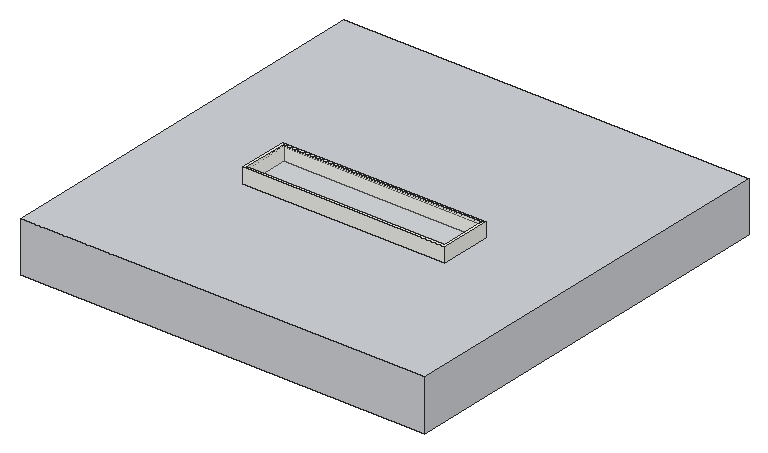
Revit family "a17c8d661ca946fd818ee1b4798d0f39", category Lighting Fixtures, host Face, Revit 2021
Family settings
  Host = Face
  Round Connector Dimension = Use Diameter
  Part Type = Normal
  OmniClass Number = 23.80.70.11.11
  OmniClass Title = General Luminaries, Non Directional
  Seek Item ID = Ceiling Light - Linear Box-0000-USA-ENU
  Cut with Voids When Loaded = No
  Light Source = Yes
  Shared = No
  Room Calculation Point = No
Parameters (values of type "1'x4'(1 Lamp) - 120V")
  Width 1 = Box Width / 2  # 0' - 6"
  Wattage = 40 W
  built-in parameter 1150110 = 1 (stored number, unit not read)
  built-in parameter 1114217 = 0.88 (stored number, unit not read)
  built-in parameter 1150109 = 1 (stored number, unit not read)
  built-in parameter 1150134 = 8
  built-in parameter 1150113 = 1 (stored number, unit not read)
  Tilt Angle = -90.00°  # constant formula
  Photometric Web File = "1x41T12.ies"
  Lumens = 3150 lm
  built-in parameter 1150115 = 1 (stored number, unit not read)
  built-in parameter 1150105 = 250.67 (stored number, unit not read)
  Load Classification = Lighting - Dwelling Unit
  built-in parameter 1150137 = 1
  built-in parameter 1150139 = (empty or 0)
  Length1 = Box Length / 2  # 2' - 0"
  Light Box Material = Steel, Paint Finish, Ivory, Glossy
  built-in parameter 1150112 = 1 (stored number, unit not read)
  built-in parameter 1150114 = 1 (stored number, unit not read)
  Lamp = "T-12"
  built-in parameter 1150132 = (empty or 0)
  built-in parameter 1150102 = (empty or 0)
  built-in parameter 1150138 = (empty or 0)
  built-in parameter 1150107 = 4230 (stored number, unit not read)
  built-in parameter 1150106 = 2.5067 (stored number, unit not read)
  Emit from Rectangle Width = Box Width - 0' 1"  # 0' - 11"
  Emit from Rectangle Length = Box Length - 0' 1"  # 3' - 11"
  Emit Shape Visible in Rendering = no
  built-in parameter 1150104 = 7.3161 (stored number, unit not read)
  Dimming Lamp Color Temperature Shift = <None>
  Diffuser Material = Glass, White, High Luminance
  Default Elevation = 4' - 0"
  Color Filter = 16777215
  built-in parameter 1140040 [instance] = 1
  Box Width = 1' - 0"
  Box Length = 4' - 0"
  Ballast Voltage = 120 V
  Ballast Number of Poles = 1
  built-in parameter 1114218 = 0.88 (stored number, unit not read)
  built-in parameter 1150133 = 10 (stored number, unit not read)
  Assembly Code = "D5020210"
  Apparent Load = 40 VA
Types (8): name | Width 1 | Wattage | Photometric Web File | Lumens | built-in parameter 1150105 | Length1 | built-in parameter 1150106 | Emit from Rectangle Width | Emit from Rectangle Length | built-in parameter 1150104 | Box Width | Box Length | Ballast Voltage | Apparent Load
  1'x4'(1 Lamp) - 120V | 0' - 6" | 40 W | "1x41T12.ies" | 3150 lm | 250.67 (stored number, unit not read) | 2' - 0" | 2.5067 (stored number, unit not read) | 0' - 11" | 3' - 11" | 7.3161 (stored number, unit not read) | 1' - 0" | 4' - 0" | 120 V | 40 VA
  1'x4'(1 Lamp) - 277V | 0' - 6" | 40 W | "1x41T12.ies" | 3150 lm | 250.67 (stored number, unit not read) | 2' - 0" | 2.5067 (stored number, unit not read) | 0' - 11" | 3' - 11" | 7.3161 (stored number, unit not read) | 1' - 0" | 4' - 0" | 277 V | 40 VA
  1'x4'(2 Lamp) - 120V | 0' - 6" | 80 W | "1x42T12.ies" | 6300 lm | 501.34 (stored number, unit not read) | 2' - 0" | 5.0134 (stored number, unit not read) | 0' - 11" | 3' - 11" | 7.3161 (stored number, unit not read) | 1' - 0" | 4' - 0" | 120 V | 80 VA
  1'x4'(2 Lamp) - 277V | 0' - 6" | 80 W | "1x42T12.ies" | 6300 lm | 501.34 (stored number, unit not read) | 2' - 0" | 5.0134 (stored number, unit not read) | 0' - 11" | 3' - 11" | 7.3161 (stored number, unit not read) | 1' - 0" | 4' - 0" | 277 V | 80 VA
  2'x2'(2 Lamp) - 120V | 1' - 0" | 40 W | "2x22T12.ies" | 2600 lm | 206.9 (stored number, unit not read) | 1' - 0" | 2.069 (stored number, unit not read) | 1' - 11" | 1' - 11" | 6.0387 (stored number, unit not read) | 2' - 0" | 2' - 0" | 120 V | 40 VA
  2'x2'(2 Lamp) - 277V | 1' - 0" | 40 W | "2x22T12.ies" | 2600 lm | 206.9 (stored number, unit not read) | 1' - 0" | 2.069 (stored number, unit not read) | 1' - 11" | 1' - 11" | 6.0387 (stored number, unit not read) | 2' - 0" | 2' - 0" | 277 V | 40 VA
  2'x4'(2 Lamp) - 120V | 1' - 0" | 80 W | "2x42T12.ies" | 5200 lm | 413.8 (stored number, unit not read) | 2' - 0" | 4.138 (stored number, unit not read) | 1' - 11" | 3' - 11" | 6.0387 (stored number, unit not read) | 2' - 0" | 4' - 0" | 120 V | 80 VA
  2'x4'(2 Lamp) - 277V | 1' - 0" | 80 W | "2x42T12.ies" | 5200 lm | 413.8 (stored number, unit not read) | 2' - 0" | 4.138 (stored number, unit not read) | 1' - 11" | 3' - 11" | 6.0387 (stored number, unit not read) | 2' - 0" | 4' - 0" | 277 V | 80 VA
Reference planes (in)
  plane 1 "Center (Front/Back)": y = 0
  plane 2: z = 0
  plane 3 "Center (Left/Right)": x = 0
  plane 4: y = -12
  plane 5: x = -24
  plane 6: x = 24
  plane 7: x = -23.5
  plane 8: y = -11.5
  plane 9: x = 23.5
  plane 10: y = -0.5
  plane 11: z = 3.5
  plane 12: z = 3.25
  plane 13: z = 3
  plane 14: y = -6
  plane 15: z = 2
Forms (in)
  Extrusion 1, solid
    sketch origin (0, 0, 0) x (1, 0, 0) y (0, 1, 0)
      loop
        line (-48, 48) -> (-48, -48) -> (48, -48) -> (48, 48) -> (-48, 48)
    from 0 to -12
  Extrusion 2, solid, material "Steel, Paint Finish, Ivory, Glossy" <- "Light Box Material"
    sketch origin (0, 0, 0) x (1, 0, 0) y (0, 1, 0)
      loop
        line (-24, 0) -> (-24, -12) -> (24, -12) -> (24, 0) -> (-24, 0)
      loop
        line (-23.5, -0.5) -> (-23.5, -11.5) -> (23.5, -11.5) -> (23.5, -0.5) -> (-23.5, -0.5)
    from 0 to 3.5
  Extrusion 3, solid, material "Glass, White, High Luminance" <- "Diffuser Material"
    sketch origin (0, 0, 0) x (1, 0, 0) y (0, 1, 0)
      loop
        line (-23.5, -0.5) -> (-23.5, -11.5) -> (23.5, -11.5) -> (23.5, -0.5) -> (-23.5, -0.5)
    from 3 to 3.25
Dimensions and locks (in)
  "Box Width": plane 4 to plane 1 "Center (Front/Back)"
  "Box Length": plane 5 to plane 6
  "Length1": plane 5 to plane 3 "Center (Left/Right)"
  locked: plane 5 to plane 7 at 0.5
  locked: plane 10 to plane 1 "Center (Front/Back)" at 0.5
  locked: plane 8 to plane 4 at 0.5
  locked: plane 9 to plane 6 at 0.5
  locked: plane 11 to plane 2 at 3.5
  locked: plane 11 to plane 12 at 0.25
  locked: plane 12 to plane 13 at 0.25
  "Width 1": plane 14 to plane 1 "Center (Front/Back)"
  locked: plane 15 to plane 2 at 2
  aligned and locked: plane 2 to Extrusion 1
  aligned and locked: level to Extrusion 1
  aligned and locked: Extrusion 2 to plane 5  (x2)
  aligned and locked: plane 6 to Extrusion 2  (x2)
  aligned and locked: plane 11 to Extrusion 2
  aligned and locked: Extrusion 2 to plane 2
  aligned and locked: Extrusion 2 to plane 1 "Center (Front/Back)"
  aligned and locked: Extrusion 2 to plane 10
  aligned and locked: plane 7 to Extrusion 2
  aligned and locked: plane 8 to Extrusion 2
  aligned and locked: Extrusion 2 to plane 4
  aligned and locked: Extrusion 2 to plane 9
  aligned and locked: Extrusion 3 to plane 13
  aligned and locked: Extrusion 3 to plane 12
  aligned and locked: plane 10 to Extrusion 3
  aligned and locked: Extrusion 3 to plane 7
  aligned and locked: Extrusion 3 to plane 8
  aligned and locked: plane 9 to Extrusion 3
  aligned and locked: plane 14 to imposter light
  aligned and locked: plane 3 "Center (Left/Right)" to imposter light
  aligned and locked: plane 15 to imposter light
Automatic sketch dimensions
  Extrusion 1 sketch curve to Extrusion 1 sketch curve = 8' - 0"  (x2)
  Extrusion 2 sketch curve to plane 4 = 0' - 0"
  Extrusion 2 sketch curve to plane 5 = 0' - 0"
  Extrusion 2 sketch curve to plane 7 = 0' - 0"
  Extrusion 2 sketch curve to plane 9 = 0' - 0"
  Extrusion 2 sketch curve to plane 1 "Center (Front/Back)" = 0' - 0"
  Extrusion 2 sketch curve to plane 6 = 0' - 0"
  Extrusion 2 sketch curve to plane 8 = 0' - 0"
  Extrusion 2 sketch curve to plane 10 = 0' - 0"
  Extrusion 3 sketch curve to plane 7 = 0' - 0"
  Extrusion 3 sketch curve to plane 8 = 0' - 0"
  Extrusion 3 sketch curve to plane 9 = 0' - 0"
  Extrusion 3 sketch curve to plane 10 = 0' - 0"
Connectors (in)
  electrical at (0, -6, 3.25), driven by "Ballast Voltage", driven by "Apparent Load", driven by "Ballast Number of Poles", driven by "Load Classification"
    settings: on Extrusion 3, index 1, voltage 120 V, apparent load 0 VA, apparent load phase1 40 VA, apparent load phase2 0 VA, apparent load phase3 0 VA, power factor 0.95, load classification "Lighting - Dwelling Unit", number of poles 1, system type 31, power factor state 1, is connector primary yes, connector utility no, sub classification motor no, connector description ""
